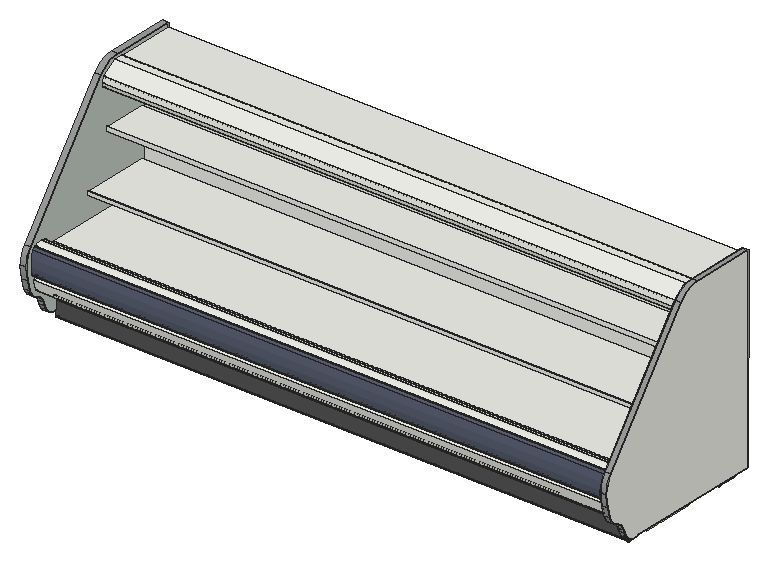
Revit family "IC2SL_2014", category Specialty Equipment, Revit 2014 (continued)
Automatic sketch dimensions
  Extrusion 4 sketch curve to Extrusion 4 sketch curve = 2.20346"
  Extrusion 4 sketch curve to Extrusion 4 sketch curve = 0.00337"
  Extrusion 4 sketch curve to Extrusion 4 sketch curve = 0.37413"
  plane 3 "Top" to Extrusion 4 sketch curve = 4.9064"
  Extrusion 4 sketch curve to Extrusion 4 sketch curve = 0.05529"
  plane 3 "Top" to Extrusion 4 sketch curve = 5.02134"
  Extrusion 4 sketch curve to Extrusion 4 sketch curve = 0.03653"
  Extrusion 4 sketch curve to Extrusion 4 sketch curve = 0.12203"
  plane 3 "Top" to Extrusion 4 sketch curve = 3.94513"
  Extrusion 4 sketch curve to Extrusion 4 sketch curve = 0.24817"
  plane 3 "Top" to Extrusion 4 sketch curve = 5.21381"
  Extrusion 4 sketch curve to Extrusion 4 sketch curve = 0.20362"
  Extrusion 4 sketch curve to Extrusion 4 sketch curve = 0.0855"
  plane 3 "Top" to Extrusion 4 sketch curve = 5.2367"
  Extrusion 4 sketch curve to Extrusion 4 sketch curve = 0.05142"  (x2)
  Extrusion 4 sketch curve to Extrusion 4 sketch curve = 0.62197"
  Extrusion 4 sketch curve to Extrusion 4 sketch curve = 0.3006"
  plane 3 "Top" to Extrusion 4 sketch curve = 2.56597"
  plane 3 "Top" to Extrusion 4 sketch curve = 5.10032"
  plane 3 "Top" to Extrusion 4 sketch curve = 2.64134"
  Extrusion 4 sketch curve to Extrusion 4 sketch curve = 0.05328"
  plane 3 "Top" to Extrusion 4 sketch curve = 5.01749"
  Extrusion 4 sketch curve to Extrusion 4 sketch curve = 0.06924"
  Extrusion 4 sketch curve to Extrusion 4 sketch curve = 0.688"
  plane 3 "Top" to Extrusion 4 sketch curve = 4.01056"
  Extrusion 4 sketch curve to Extrusion 4 sketch curve = 0.12066"
  plane 3 "Top" to Extrusion 4 sketch curve = 3.95101"
  Extrusion 4 sketch curve to Extrusion 4 sketch curve = 0.00036"
  level to Extrusion 4 sketch curve = 5.51819"
  Extrusion 4 sketch curve to Extrusion 4 sketch curve = 0.02509"
  Extrusion 4 sketch curve to Extrusion 4 sketch curve = 0.82847"
  level to Extrusion 4 sketch curve = 5.79817"
  Extrusion 4 sketch curve to Extrusion 4 sketch curve = 0.08776"
  Extrusion 4 sketch curve to Extrusion 4 sketch curve = 0.04779"
  level to Extrusion 4 sketch curve = 5.77763"
  Extrusion 4 sketch curve to Extrusion 4 sketch curve = 0.02665"
  plane 5 "Front" to Extrusion 4 sketch curve = 1.63975"
  Extrusion 4 sketch curve to Extrusion 4 sketch curve = 0.07583"
  Extrusion 4 sketch curve to Extrusion 4 sketch curve = 0.07923"
  Extrusion 4 sketch curve to Extrusion 4 sketch curve = 0.14334"
  Extrusion 4 sketch curve to Extrusion 4 sketch curve = 0.04134"
  Extrusion 4 sketch curve to Extrusion 4 sketch curve = 0.05018"
  Extrusion 4 sketch curve to Extrusion 4 sketch curve = 0.10623"
  Extrusion 4 sketch curve to Extrusion 4 sketch curve = 0.03772"  (x2)
  Extrusion 4 sketch curve to Extrusion 4 sketch curve = 0.0342"  (x2)
  Extrusion 4 sketch curve to Extrusion 4 sketch curve = 0.52554"
  Extrusion 4 sketch curve to Extrusion 4 sketch curve = 0.01073"
  Extrusion 4 sketch curve to Extrusion 4 sketch curve = 0.09979"
  Extrusion 4 sketch curve to Extrusion 4 sketch curve = 4 133/256"
  Extrusion 4 sketch curve to Extrusion 4 sketch curve = 0.01305"
  Extrusion 4 sketch curve to Extrusion 4 sketch curve = 0.17029"
  Extrusion 4 sketch curve to Extrusion 4 sketch curve = 0.05865"
  Extrusion 4 sketch curve to Extrusion 4 sketch curve = 0.31287"
  Extrusion 4 sketch curve to Extrusion 4 sketch curve = 65/256"
  Extrusion 4 sketch curve to Extrusion 4 sketch curve = 0.0098"
  Extrusion 4 sketch curve to Extrusion 4 sketch curve = 0.43051"
  Extrusion 4 sketch curve to Extrusion 4 sketch curve = 0.7215"
  Extrusion 4 sketch curve to Extrusion 4 sketch curve = 0.49985"
  Extrusion 4 sketch curve to Extrusion 4 sketch curve = 0.45414"
  Extrusion 4 sketch curve to Extrusion 4 sketch curve = 0.03983"
  Extrusion 4 sketch curve to Extrusion 4 sketch curve = 0.62977"
  Extrusion 4 sketch curve to Extrusion 4 sketch curve = 0.06223"  (x2)
  Extrusion 4 sketch curve to Extrusion 4 sketch curve = 0.01348"
  Extrusion 4 sketch curve to Extrusion 4 sketch curve = 0.22534"
  Extrusion 4 sketch curve to Extrusion 4 sketch curve = 0.02382"
  Extrusion 4 sketch curve to Extrusion 4 sketch curve = 0.38016"
  Extrusion 4 sketch curve to plane 11 = 7.88305"
  Extrusion 4 sketch curve to Extrusion 4 sketch curve = 1.22225"
  plane 5 "Front" to Extrusion 4 sketch curve = 1.4312"
  Extrusion 4 sketch curve to Extrusion 4 sketch curve = 5.82165"
  Extrusion 4 sketch curve to Extrusion 4 sketch curve = 3.11854"
  Extrusion 4 sketch curve to Extrusion 4 sketch curve = 2.48293"
  Extrusion 4 sketch curve to plane 11 = 5.50287"
  Extrusion 4 sketch curve to Extrusion 4 sketch curve = 0.04972"
  Extrusion 4 sketch curve to Extrusion 4 sketch curve = 0.12156"
  Extrusion 4 sketch curve to Extrusion 4 sketch curve = 0.01081"
  Extrusion 4 sketch curve to Extrusion 4 sketch curve = 0.9181"
  Extrusion 4 sketch curve to Extrusion 4 sketch curve = 0.01054"
  Extrusion 4 sketch curve to Extrusion 4 sketch curve = 0.04002"
  Extrusion 4 sketch curve to Extrusion 4 sketch curve = 0.93257"
  Extrusion 4 sketch curve to Extrusion 4 sketch curve = 0.05055"
  Extrusion 4 sketch curve to Extrusion 4 sketch curve = 0.02071"
  Extrusion 4 sketch curve to Extrusion 4 sketch curve = 0.15872"
  Extrusion 4 sketch curve to Extrusion 4 sketch curve = 0.20152"
  Extrusion 4 sketch curve to Extrusion 4 sketch curve = 0.99165"
  Extrusion 4 sketch curve to Extrusion 4 sketch curve = 0.95277"
  Extrusion 4 sketch curve to Extrusion 4 sketch curve = 0.03162"
  Extrusion 4 sketch curve to Extrusion 4 sketch curve = 0.02086"
  Extrusion 4 sketch curve to plane 11 = 8.15832"
  Extrusion 4 sketch curve to Extrusion 4 sketch curve = 1.82053"
  Extrusion 4 sketch curve to Extrusion 4 sketch curve = 3.52792"
  Extrusion 4 sketch curve to Extrusion 4 sketch curve = 0.30279"
  Extrusion 4 sketch curve to Extrusion 4 sketch curve = 1.20397"
  Extrusion 4 sketch curve to Extrusion 4 sketch curve = 0.16495"  (x3)
  Extrusion 4 sketch curve to Extrusion 4 sketch curve = 0.24992"
  Extrusion 4 sketch curve to Extrusion 4 sketch curve = 0.63549"
  level to Extrusion 4 sketch curve = 1.58082"
  Extrusion 4 sketch curve to Extrusion 4 sketch curve = 0.0444"
  Extrusion 4 sketch curve to Extrusion 4 sketch curve = 0.12659"
  Extrusion 4 sketch curve to Extrusion 4 sketch curve = 0.12561"
  Extrusion 4 sketch curve to Extrusion 4 sketch curve = 0.24799"
  Extrusion 4 sketch curve to Extrusion 4 sketch curve = 1/64"
  Extrusion 4 sketch curve to Extrusion 4 sketch curve = 0.10097"
  Extrusion 4 sketch curve to Extrusion 4 sketch curve = 0.06198"
  Extrusion 4 sketch curve to Extrusion 4 sketch curve = 0.19894"
  Extrusion 4 sketch curve to Extrusion 4 sketch curve = 1.06832"
  Extrusion 4 sketch curve to Extrusion 4 sketch curve = 0.92456"
  Extrusion 4 sketch curve to Extrusion 4 sketch curve = 0.01207"
  Extrusion 4 sketch curve to Extrusion 4 sketch curve = 0.00734"
  Extrusion 4 sketch curve to Extrusion 4 sketch curve = 0.91268"
  Extrusion 4 sketch curve to Extrusion 4 sketch curve = 0.05165"
  Extrusion 4 sketch curve to Extrusion 4 sketch curve = 0.13508"
  Extrusion 4 sketch curve to Extrusion 4 sketch curve = 0.02078"
  Extrusion 4 sketch curve to Extrusion 4 sketch curve = 0.07189"
  Extrusion 4 sketch curve to Extrusion 4 sketch curve = 0"
  Extrusion 4 sketch curve to Extrusion 4 sketch curve = 0.04991"
  Extrusion 4 sketch curve to Extrusion 4 sketch curve = 0.1649"
  Extrusion 4 sketch curve to Extrusion 4 sketch curve = 0.1637"
  Extrusion 4 sketch curve to Extrusion 4 sketch curve = 0.78942"
  Extrusion 4 sketch curve to Extrusion 4 sketch curve = 0.01586"
  Extrusion 4 sketch curve to Extrusion 4 sketch curve = 0.00947"
  Extrusion 4 sketch curve to Extrusion 4 sketch curve = 0.06439"
  Extrusion 4 sketch curve to Extrusion 4 sketch curve = 1.4102"
  Extrusion 4 sketch curve to Extrusion 4 sketch curve = 1.7551"
  Extrusion 4 sketch curve to Extrusion 4 sketch curve = 2.52857"
  Extrusion 4 sketch curve to Extrusion 4 sketch curve = 10.54146"
  Extrusion 4 sketch curve to Extrusion 4 sketch curve = 1.02083"
  Extrusion 4 sketch curve to Extrusion 4 sketch curve = 2.1841"
  plane 5 "Front" to Extrusion 5 sketch curve = 1.12841"
  Extrusion 5 sketch curve to Extrusion 5 sketch curve = 0.11317"
  Extrusion 5 sketch curve to Extrusion 5 sketch curve = 0.03358"
  Extrusion 5 sketch curve to Extrusion 5 sketch curve = 0.25438"
  Extrusion 5 sketch curve to Extrusion 5 sketch curve = 0.0429"
  Extrusion 5 sketch curve to Extrusion 5 sketch curve = 0.04665"
  Extrusion 5 sketch curve to Extrusion 5 sketch curve = 0.19176"
  Extrusion 5 sketch curve to Extrusion 5 sketch curve = 0.07633"
  Extrusion 5 sketch curve to Extrusion 5 sketch curve = 0.49366"
  Extrusion 5 sketch curve to Extrusion 5 sketch curve = 0.39156"
  Extrusion 5 sketch curve to Extrusion 5 sketch curve = 0.11753"
  Extrusion 5 sketch curve to Extrusion 5 sketch curve = 0.10551"
  Extrusion 5 sketch curve to Extrusion 5 sketch curve = 0"  (x2)
  Extrusion 5 sketch curve to Extrusion 5 sketch curve = 0.3295"
  plane 5 "Front" to Extrusion 5 sketch curve = 0.51188"
  curve 19 to curve 18 = 0.03284"
  curve 18 to curve 19 = 0.02938"
  curve 19 to curve 21 = 0.98711"
  curve 21 to curve 23 = 0.04789"
  curve 22 to curve 24 = 0.42429"
  curve 21 to curve 22 = 0.49387"
  curve 24 to curve 23 = 0.35344"
  curve 23 to curve 25 = 0.1464"
  curve 26 to curve 27 = 0.49985"
  curve 26 to curve 27 = 0.82955"
  curve 28 to curve 29 = 0.49954"
  curve 29 to curve 29 = 0.0098"
  curve 29 to curve 31 = 0.26352"
  curve 29 to curve 30 = 0.49954"
  curve 31 to curve 31 = 0.70437"
  curve 31 to curve 32 = 0.23603"
  curve 32 to curve 33 = 2.19677"
  curve 33 to curve 35 = 0.43288"
  curve 34 to curve 35 = 0.64826"
  curve 36 to curve 36 = 0.43288"
  curve 36 to curve 38 = 8.83291"
  curve 37 to curve 39 = 12.74306"
  curve 39 to curve 38 = 0.62705"
  curve 33 to curve 31 = 0.05924"
  curve 33 to curve 35 = 0.24992"
  curve 32 to curve 31 = 0.37731"
  curve 30 to curve 18 = 0.0018"
  curve 30 to curve 29 = 0.42317"
  curve 30 to curve 28 = 0.2631"
  curve 34 to curve 36 = 0.8729"
  curve 29 to curve 29 = 0.28055"
  curve 36 to curve 35 = 0.24992"
  curve 25 to curve 24 = 0.47481"
  curve 37 to curve 38 = 1.96717"
  curve 24 to curve 23 = 0.78923"
  curve 39 to curve 39 = 4.26182"
  curve 21 to curve 20 = 5.77893"
  curve 18 to curve 34 = 0.43401"
  curve 39 to curve 39 = 4.13066"
  curve 18 to curve 34 = 3.20102"
  curve 42 to curve 41 = 0.03284"
  curve 41 to curve 42 = 0.02938"
  curve 42 to curve 44 = 0.98711"
  curve 44 to curve 46 = 0.04789"
  curve 45 to curve 47 = 0.42429"
  curve 44 to curve 45 = 0.49387"
  curve 47 to curve 46 = 0.35344"
  curve 46 to curve 48 = 0.1464"
  curve 49 to curve 50 = 0.49985"
  curve 49 to curve 50 = 0.82955"
  curve 51 to curve 52 = 0.49954"
  curve 52 to curve 52 = 0.0098"
  curve 52 to curve 54 = 0.26352"
  curve 52 to curve 53 = 0.49954"
  curve 54 to curve 54 = 0.70437"
  curve 54 to curve 55 = 0.23603"
  curve 55 to curve 56 = 2.19677"
  curve 56 to curve 58 = 0.43288"
  curve 57 to curve 58 = 0.64826"
  curve 59 to curve 59 = 0.43288"
  curve 59 to curve 61 = 8.83291"
  curve 60 to curve 62 = 12.74306"
  curve 62 to curve 61 = 0.62705"
  curve 56 to curve 54 = 0.05924"
  curve 56 to curve 58 = 0.24992"
  curve 55 to curve 54 = 0.37731"
  curve 53 to curve 41 = 0.0018"
  curve 53 to curve 52 = 0.42317"
  curve 53 to curve 51 = 0.2631"
  curve 57 to curve 59 = 0.8729"
  curve 52 to curve 52 = 0.28055"
  curve 59 to curve 58 = 0.24992"
  curve 48 to curve 47 = 0.47481"
  curve 60 to curve 61 = 1.96717"
  curve 47 to curve 46 = 0.78923"
  curve 62 to curve 62 = 4.26182"
  curve 44 to curve 43 = 5.77893"
  curve 41 to curve 57 = 0.43401"
  curve 62 to curve 62 = 4.13066"
  curve 41 to curve 57 = 3.20102"
  Extrusion 5 sketch curve to Extrusion 5 sketch curve = 0.22534"
  Extrusion 5 sketch curve to Extrusion 5 sketch curve = 0.38016"
  Extrusion 5 sketch curve to Extrusion 5 sketch curve = 0.60971"
  Extrusion 5 sketch curve to plane 11 = 11.74238"
  Extrusion 5 sketch curve to Extrusion 5 sketch curve = 7.89549"
  Extrusion 5 sketch curve to Extrusion 5 sketch curve = 2.25476"
  Extrusion 5 sketch curve to Extrusion 5 sketch curve = 4.52154"
Nested families (in)
  nested 1: "Shelf" at (0, -7.8816, 19.25), visible <- "Shelf", type "Bottom Shelf"
    with Width 145", Depth 18"
  nested 2: "Shelf" at (0, -7.8816, 31.25), visible <- "Shelf", type "Top Shelf"
    with Width 145", Depth 12"
  nested 3: "Light" at (-4.80699, -16.27359, -28.75), visible <- "Shelf Lights", type "Light"
  nested 4: "Floor Support-Side Skid-IC2SL" at (-79.33203, 0, 0), type "Floor Support-Side Skid"
  nested 5: "Floor Support-Skid-IC2SL" at (-6.83203, 0, 0), visible <- "8 Case", type "Floor Support-Skid"
  nested 6: "Floor Support-Side Skid-IC2SL" at (69.71806, 0, 0) x (-1, 0, 0) z (0, 0, 1), type "Floor Support-Side Skid"
  nested 7: "Floor Support-Skid-IC2SL" at (-30.83203, 0, 0), visible <- "12 Case", type "Floor Support-Skid"
  nested 8: "Floor Support-Skid-IC2SL" at (21.21806, 0, 0) x (-1, 0, 0) z (0, 0, 1), visible <- "12 Case", type "Floor Support-Skid"
  nested 9: "Floor Support-Skid-IC2SL" at (-6.83203, 0, 0), visible <- "6 Case", type "Floor Support-Skid"
  nested 10: "Light" at (-4.80699, -10.27359, -16.75), visible <- "Shelf Lights", type "Light"
  nested 11: "Light" at (-4.80699, -9.77817, -6.61826), type "Light"
Connectors (in)
  piping at (-4.30699, -33.5, 0), diameter 1.25, driven by "Waste Drain"
    settings: on Extrusion 1, index 8, connector inside diameter 1 1/4", connector length 0", flow factor 0, pipe flow 0 GPM, pressure drop 0.00 psi, fitting loss kfactor 0, connector angle 0.00°, fixture units 0, engagement length 0", angle of deflection 0.00°, flow configuration 0, flow direction 0, fitting loss method 0, system type 16, joint type 0, gender type 0, connector reference index -1, connector utility 0, adjustable connector no, is connector primary yes, connector description "1 1/4\""
  piping at (58.75551, -28.75, 0), diameter 0.875, driven by "Refrig. Suction", driven by "Refrigeration Lines Suction"
    settings: on Extrusion 2, index 9, connector inside diameter 7/8", connector length 0", flow factor 0, pipe flow 0 GPM, pressure drop 0.00 psi, fitting loss kfactor 0, connector angle 0.00°, fixture units 0, engagement length 0", angle of deflection 0.00°, flow configuration 0, flow direction 2, fitting loss method 0, system type 22, joint type 0, gender type 0, connector reference index -1, connector utility 0, adjustable connector no, is connector primary no, connector description "Suction"
  piping at (59.38051, -28.75, 0), diameter 0.375, driven by "Refrig. Liquid", driven by "Refrigeration Lines Liquid"
    settings: on Extrusion 3, index 10, connector inside diameter 3/8", connector length 0", flow factor 0, pipe flow 0 GPM, pressure drop 0.00 psi, fitting loss kfactor 0, connector angle 0.00°, fixture units 0, engagement length 0", angle of deflection 0.00°, flow configuration 0, flow direction 1, fitting loss method 0, system type 22, joint type 0, gender type 0, connector reference index -1, connector utility 0, adjustable connector no, is connector primary no, connector description "Liquid"
Definition of nested family "Shelf"
  Parameters (values of type "Shelf")
    Width = 24"
    URL = "www.hussmann.com"
    Type Comments = "Shelf"
    Shelves = Sheet Metal (Steel Painted) - 700 Interior White
    Model = ""
    Manufacturer = "Hussmann Corporation"
    Height = 5"
    Description = ""
    Depth = 20"
    Assembly Code = ""
    Accessories/Options = ""
  Reference planes (in)
    plane 1 "Back": y = 0
    plane 2 "Bottom": z = 0
    plane 3 "Left": x = -77.30699
    plane 4 "Right": x = -53.30699
    plane 5 "Front": y = -20
    plane 6 "Center (Left/Right)": x = -65.30699
    plane 7: z = 5
  Forms (in)
    Extrusion 1, solid, material "Sheet Metal (Steel Painted) - 700 Interior White" <- "Shelves"
      sketch origin (-77.30699, 7.75, -64.26162) x (0, 1, 0) y (0, 0, 1)
        loop
          line (-7.75, 64.26162) -> (-7.75, 68.01162) -> (-8.5, 68.01162) -> (-8.5, 69.01162) -> (-27.5, 69.01162) -> (-27.5, 69.26162) -> (-27.75, 69.26162) -> (-27.75, 68.26162) -> (-27.5, 68.26162) -> (-27.5, 68.76162) -> (-26, 68.76162) -> (-26, 68.51162) -> (-13.81963, 68.51162) -> (-7.75, 64.26162)
      from 0 to 24
  Dimensions and locks (in)
    "Width": plane 4 "Right" to plane 3 "Left"
    equal spacing: plane 4 "Right", plane 6 "Center (Left/Right)", plane 3 "Left"
    "Depth": plane 1 "Back" to plane 5 "Front"
    "Height": level to plane 7
    aligned and locked: Extrusion 1 to plane 3 "Left"
    aligned and locked: plane 4 "Right" to Extrusion 1
  Automatic sketch dimensions
    Extrusion 1 sketch curve to plane 5 "Front" = 0"
    Extrusion 1 sketch curve to plane 1 "Back" = 0"
    plane 5 "Front" to Extrusion 1 sketch curve = 1/4"  (x2)
    Extrusion 1 sketch curve to Extrusion 1 sketch curve = 1 1/2"
    plane 1 "Back" to Extrusion 1 sketch curve = 6.06963"
    plane 1 "Back" to Extrusion 1 sketch curve = 3/4"
    Extrusion 1 sketch curve to Extrusion 1 sketch curve = 3 3/4"
    Extrusion 1 sketch curve to Extrusion 1 sketch curve = 1/2"  (x2)
    Extrusion 1 sketch curve to Extrusion 1 sketch curve = 1"
    Extrusion 1 sketch curve to Extrusion 1 sketch curve = 1/4"
    Extrusion 1 sketch curve to Extrusion 1 sketch curve = 3/4"
    Extrusion 1 sketch curve to level = 0"
Definition of nested family "Floor Support-Side Skid-IC2SL"
  Parameters (values of type "Floor Support-Skid")
    Width = 8 69/128"
    URL = "www.hussmann.com"
    Type Comments = ""
    Revit Family Date = "11/19/2015"  # constant formula
    Model = ""
    Manufacturer = "Hussmann Corporation"
    Height = 10.26407"
    Floor Support = none
    Description = ""
    Depth = 35.02835"
    Assembly Code = ""
    Accessories/Options = ""
  Reference planes (in)
    plane 1 "Back": y = 0
    plane 2 "Bottom": z = 0
    plane 3 "Top": z = 10.26407
    plane 4 "Right": x = 6.29458
    plane 5 "Front": y = -35.02835
    plane 6 "Center (Left/Right)": x = 2.02504
  Forms (in)
    Extrusion 1, solid
      sketch origin (0, 0, 0) x (1, 0, 0) y (0, 1, 0)
        loop
          line (6.2427, -0.35106) -> (5.61346, -0.35106)
          spline (5.61346, -0.35106) -> (5.60467, -0.35154) -> (5.59595, -0.35077) -> (5.58749, -0.34877) -> (5.57945, -0.3456) -> (5.572, -0.3413) -> (5.56527, -0.33596) -> (5.5594, -0.32969) -> (5.55452, -0.32262) -> (5.55071, -0.31489) -> (5.54806, -0.30664) -> (5.54661, -0.29805) -> (5.5464, -0.28928)
          line (5.5464, -0.28928) -> (5.5511, -0.1881)
          spline (5.5511, -0.1881) -> (5.55064, -0.16354) -> (5.54698, -0.1394) -> (5.54017, -0.1161) -> (5.53035, -0.09404) -> (5.51767, -0.07358) -> (5.50235, -0.05508) -> (5.48466, -0.03886) -> (5.4649, -0.02519) -> (5.44339, -0.01431) -> (5.42052, -0.00641) -> (5.39668, -0.00161) -> (5.37226, 0)
          line (5.37226, 0) -> (2.02504, 0) -> (2.02504, -30.00158) -> (2.4234, -30.00158) -> (2.4234, -34.87231) -> (2.57945, -34.87231) -> (2.57945, -35.02528) -> (4.66388, -35.02528) -> (4.66388, -34.87231) -> (4.81992, -34.87231) -> (4.81992, -29.95052)
          arc (4.81992, -29.95052) -> (5.61912, -29.41396) -> (5.92788, -28.5022) r 1.5006
          line (5.92788, -28.5022) -> (5.92843, -23.36772)
          spline (5.92843, -23.36772) -> (5.93056, -23.33509) -> (5.93693, -23.30304) -> (5.94743, -23.27209) -> (5.96187, -23.24279) -> (5.98001, -23.21563) -> (6.00154, -23.19108) -> (6.02609, -23.16955) -> (6.05325, -23.15141) -> (6.08256, -23.13697) -> (6.1135, -23.12647) -> (6.14556, -23.1201) -> (6.17818, -23.11797)
          line (6.17818, -23.11797) -> (7.49155, -23.11797)
          spline (7.49155, -23.11797) -> (7.55681, -23.1137) -> (7.62092, -23.10096) -> (7.68281, -23.07997) -> (7.74141, -23.05109) -> (7.79573, -23.01481) -> (7.84484, -22.97175) -> (7.8879, -22.92264) -> (7.92418, -22.86832) -> (7.95307, -22.80972) -> (7.97405, -22.74783) -> (7.98679, -22.68371) -> (7.99106, -22.61846)
          line (7.99106, -22.61846) -> (7.99106, -21.6167)
          spline (7.99106, -21.6167) -> (7.98679, -21.55145) -> (7.97405, -21.48733) -> (7.95307, -21.42544) -> (7.92418, -21.36684) -> (7.8879, -21.31252) -> (7.84484, -21.26341) -> (7.79573, -21.22035) -> (7.74141, -21.18407) -> (7.68281, -21.15519) -> (7.62092, -21.1342) -> (7.55681, -21.12146) -> (7.49155, -21.11719)
          line (7.49155, -21.11719) -> (6.17818, -21.11719)
          spline (6.17818, -21.11719) -> (6.14556, -21.11506) -> (6.1135, -21.10869) -> (6.08256, -21.09819) -> (6.05325, -21.08375) -> (6.02609, -21.06561) -> (6.00154, -21.04408) -> (5.98001, -21.01953) -> (5.96187, -20.99237) -> (5.94743, -20.96307) -> (5.93693, -20.93212) -> (5.93056, -20.90006) -> (5.92843, -20.86744)
          line (5.92843, -20.86744) -> (5.92843, -10.79985)
          spline (5.92843, -10.79985) -> (5.93056, -10.76722) -> (5.93693, -10.73516) -> (5.94743, -10.70422) -> (5.96187, -10.67492) -> (5.98001, -10.64776) -> (6.00154, -10.6232) -> (6.02609, -10.60167) -> (6.05325, -10.58353) -> (6.08256, -10.56909) -> (6.1135, -10.5586) -> (6.14556, -10.55223) -> (6.17818, -10.55009)
          line (6.17818, -10.55009) -> (7.49155, -10.55009)
          spline (7.49155, -10.55009) -> (7.55681, -10.54582) -> (7.62092, -10.53308) -> (7.68281, -10.5121) -> (7.74141, -10.48322) -> (7.79573, -10.44693) -> (7.84484, -10.40387) -> (7.8879, -10.35476) -> (7.92418, -10.30044) -> (7.95307, -10.24184) -> (7.97405, -10.17995) -> (7.98679, -10.11584) -> (7.99106, -10.05058)
          line (7.99106, -10.05058) -> (7.99106, -9.04882)
          spline (7.99106, -9.04882) -> (7.98679, -8.98357) -> (7.97405, -8.91946) -> (7.95307, -8.85757) -> (7.92418, -8.79896) -> (7.8879, -8.74465) -> (7.84484, -8.69554) -> (7.79573, -8.65247) -> (7.74141, -8.61619) -> (7.68281, -8.58731) -> (7.62092, -8.56632) -> (7.55681, -8.55359) -> (7.49155, -8.54932)
          line (7.49155, -8.54932) -> (6.18249, -8.54932)
          arc (6.18249, -8.54932) -> (6.0282, -8.49852) -> (5.93426, -8.36599) r 0.25973
          line (5.93426, -8.36599) -> (6.30377, -0.41601)
          spline (6.30377, -0.41601) -> (6.30361, -0.4077) -> (6.30234, -0.3995) -> (6.29999, -0.39156) -> (6.29661, -0.38402) -> (6.29225, -0.37701) -> (6.28699, -0.37067) -> (6.28093, -0.36509) -> (6.27417, -0.36039) -> (6.26683, -0.35664) -> (6.25905, -0.35392) -> (6.25096, -0.35226) -> (6.2427, -0.35106)
      from 0 to 10.26407
    Extrusion 2, void
      sketch origin (2.02504, 0, 0) x (0, 1, 0) y (0, 0, 1)
        loop
          line (-29.18397, 5.56503) -> (-8.50716, 5.56503) -> (0, 10.08456) -> (0, 10.26407) -> (-35.02528, 10.26407) -> (-35.02528, 1.08698) -> (-27.78996, 2.76906) -> (-26.7357, 2.76906) -> (-26.85079, 4.08456)
          arc (-26.85079, 4.08456) -> (-26.88112, 4.17154) -> (-26.94923, 4.23357) r 0.18744
          line (-26.94923, 4.23357) -> (-29.18397, 5.42681) -> (-29.18397, 5.56503)
      from -12.58447 to 12.58363
    Extrusion 3, void
      sketch origin (2.02504, 0, 0) x (0, 1, 0) y (0, 0, 1)
        loop
          line (-2.69879, 0) -> (0, 0) -> (0, 6.29404) -> (-2.26929, 4.02442)
          arc (-2.26929, 4.02442) -> (-2.30939, 3.96496) -> (-2.3243, 3.89481) r 0.18794
          line (-2.3243, 3.89481) -> (-2.32858, 3.6497) -> (-2.33112, 3.50443) -> (-2.33533, 3.26291) -> (-2.33949, 3.02455) -> (-2.38694, 0.30646)
          arc (-2.38694, 0.30646) -> (-2.48018, 0.08944) -> (-2.69879, 0) r 0.3119
      from -12.58447 to 12.58363
    Extrusion 4, void
      sketch origin (2.02504, 0, 0) x (0, 1, 0) y (0, 0, 1)
        loop
          line (-17.28342, 0) -> (-7.07945, 0)
          arc (-7.07945, 0) -> (-7.199, 0.02378) -> (-7.30035, 0.0915) r 0.3124
          line (-7.30035, 0.0915) -> (-7.41444, 0.20559)
          arc (-7.41444, 0.20559) -> (-7.45626, 0.23672) -> (-7.50525, 0.25454) r 0.17979
          arc (-7.50525, 0.25454) -> (-12.18143, 0.73178) -> (-16.85761, 0.25454) r 23.14851
          arc (-16.85761, 0.25454) -> (-16.90661, 0.23672) -> (-16.94843, 0.20559) r 0.17979
          line (-16.94843, 0.20559) -> (-17.06252, 0.0915)
          arc (-17.06252, 0.0915) -> (-17.16387, 0.02378) -> (-17.28342, 0) r 0.3124
      from -12.58447 to 12.58363
    Extrusion 5, void
      sketch origin (2.02504, 0, 0) x (0, 1, 0) y (0, 0, 1)
        loop
          line (-26.93283, 0.16782) -> (-26.93283, 0) -> (-25.52532, 0)
          arc (-25.52532, 0) -> (-25.68723, 0.04523) -> (-25.80225, 0.16782) r 0.3124
          line (-25.80225, 0.16782) -> (-26.93283, 0.16782)
      from -12.58447 to 12.58363
  Cuts and joins
    Extrusion 2, Extrusion 3, Extrusion 4, Extrusion 5 cuts Extrusion 1
  Dimensions and locks (in)
    plane 6 "Center (Left/Right)" to plane 4 "Right" = 4 69/256"
    "Depth": plane 5 "Front" to plane 1 "Back"
    "Height": plane 3 "Top" to level
    aligned and locked: Extrusion 1 to plane 3 "Top"
    aligned and locked: Extrusion 1 to level
  Automatic sketch dimensions
    plane 3 "Top" to Extrusion 2 sketch curve = 0"
    Extrusion 2 sketch curve to plane 1 "Back" = 0"
    plane 1 "Back" to Extrusion 2 sketch curve = 8.50716"
    level to Extrusion 2 sketch curve = 4.08456"
    plane 5 "Front" to Extrusion 2 sketch curve = 8.17757"
    level to Extrusion 2 sketch curve = 4.23357"
    Extrusion 2 sketch curve to Extrusion 2 sketch curve = 0.09844"
    Extrusion 2 sketch curve to Extrusion 2 sketch curve = 0.08829"
    level to Extrusion 2 sketch curve = 2.76906"
    Extrusion 2 sketch curve to Extrusion 2 sketch curve = 0.75244"
    Extrusion 2 sketch curve to Extrusion 2 sketch curve = 0.17952"
    Extrusion 2 sketch curve to Extrusion 2 sketch curve = 0.11509"
    Extrusion 2 sketch curve to Extrusion 2 sketch curve = 2.23474"
    level to Extrusion 2 sketch curve = 1.08698"
    Extrusion 2 sketch curve to Extrusion 2 sketch curve = 1.19324"
    Extrusion 2 sketch curve to Extrusion 2 sketch curve = 0.13822"
    plane 5 "Front" to Extrusion 2 sketch curve = 0.00307"
    plane 1 "Back" to Extrusion 3 sketch curve = 2.69879"
    Extrusion 3 sketch curve to Extrusion 3 sketch curve = 0.31186"
    level to Extrusion 3 sketch curve = 3.02455"
    plane 1 "Back" to Extrusion 3 sketch curve = 2.33949"
    level to Extrusion 3 sketch curve = 3.26291"
    Extrusion 3 sketch curve to Extrusion 3 sketch curve = 0.00416"
    level to Extrusion 3 sketch curve = 3.50443"
    Extrusion 3 sketch curve to Extrusion 3 sketch curve = 0.00422"
    level to Extrusion 3 sketch curve = 3.6497"
    Extrusion 3 sketch curve to Extrusion 3 sketch curve = 0.00254"
    level to Extrusion 3 sketch curve = 3.89481"
    Extrusion 3 sketch curve to Extrusion 3 sketch curve = 0.00428"
    Extrusion 3 sketch curve to Extrusion 3 sketch curve = 0.05501"
    Extrusion 3 sketch curve to Extrusion 3 sketch curve = 0.18791"
    Extrusion 3 sketch curve to plane 1 "Back" = 0"
    Extrusion 3 sketch curve to level = 0"
    Extrusion 3 sketch curve to Extrusion 3 sketch curve = 0.30646"
    Extrusion 3 sketch curve to Extrusion 3 sketch curve = 0.3119"
    Extrusion 3 sketch curve to Extrusion 3 sketch curve = 0.00328"
    level to Extrusion 3 sketch curve = 6.29404"
    Extrusion 3 sketch curve to Extrusion 3 sketch curve = 0"
    Extrusion 4 sketch curve to Extrusion 4 sketch curve = 0.2209"  (x2)
    Extrusion 4 sketch curve to Extrusion 4 sketch curve = 0.11409"  (x4)
    Extrusion 4 sketch curve to Extrusion 4 sketch curve = 0.12713"  (x4)
    plane 5 "Front" to Extrusion 4 sketch curve = 22.84692"
    Extrusion 4 sketch curve to Extrusion 4 sketch curve = 9.27972"
    level to Extrusion 4 sketch curve = 0.3124"
    Extrusion 4 sketch curve to Extrusion 4 sketch curve = 0.10681"  (x2)
    Extrusion 4 sketch curve to Extrusion 4 sketch curve = 22.49519"
    Extrusion 4 sketch curve to Extrusion 4 sketch curve = 0"  (x4)
    Extrusion 4 sketch curve to level = 0"
    plane 1 "Back" to Extrusion 4 sketch curve = 16.82129"
    plane 5 "Front" to Extrusion 5 sketch curve = 8.09553"
    Extrusion 5 sketch curve to Extrusion 5 sketch curve = 1.13057"
    Extrusion 5 sketch curve to Extrusion 5 sketch curve = 0.27693"
    Extrusion 5 sketch curve to level = 0"
    Extrusion 5 sketch curve to Extrusion 5 sketch curve = 0.16782"
    Extrusion 5 sketch curve to Extrusion 5 sketch curve = 0.3124"
    Extrusion 5 sketch curve to Extrusion 5 sketch curve = 0"
    Extrusion 1 sketch curve to plane 6 "Center (Left/Right)" = 0"
    plane 1 "Back" to Extrusion 1 sketch curve = 0"
    Extrusion 1 sketch curve to Extrusion 1 sketch curve = 0.39836"
    Extrusion 1 sketch curve to Extrusion 1 sketch curve = 0.15604"  (x2)
    Extrusion 1 sketch curve to plane 4 "Right" = 1.8673"
    plane 5 "Front" to Extrusion 1 sketch curve = 0.15604"  (x2)
    Extrusion 1 sketch curve to plane 4 "Right" = 1.6307"
    Extrusion 1 sketch curve to plane 4 "Right" = 0.92232"
    plane 1 "Back" to Extrusion 1 sketch curve = 0.28928"
    Extrusion 1 sketch curve to Extrusion 1 sketch curve = 0.17414"
    plane 1 "Back" to Extrusion 1 sketch curve = 0.1881"
    Extrusion 1 sketch curve to Extrusion 1 sketch curve = 0.0047"
    Extrusion 1 sketch curve to Extrusion 1 sketch curve = 0.06706"
    Extrusion 1 sketch curve to plane 4 "Right" = 0.36615"  (x2)
    Extrusion 1 sketch curve to plane 4 "Right" = 0.11639"  (x3)
    Extrusion 1 sketch curve to plane 4 "Right" = 0.11208"
    plane 4 "Right" to Extrusion 1 sketch curve = 0.0092"
    plane 4 "Right" to Extrusion 1 sketch curve = 1.19698"  (x4)
    Extrusion 1 sketch curve to Extrusion 1 sketch curve = 0.49951"  (x6)
    plane 5 "Front" to Extrusion 1 sketch curve = 0.00307"
    Extrusion 1 sketch curve to Extrusion 1 sketch curve = 4.87073"
    Extrusion 1 sketch curve to Extrusion 1 sketch curve = 0.05106"
    Extrusion 1 sketch curve to Extrusion 1 sketch curve = 1.44832"
    Extrusion 1 sketch curve to Extrusion 1 sketch curve = 5.13448"
    Extrusion 1 sketch curve to Extrusion 1 sketch curve = 0.24975"  (x3)
    Extrusion 1 sketch curve to Extrusion 1 sketch curve = 1.00176"  (x2)
    Extrusion 1 sketch curve to Extrusion 1 sketch curve = 10.06759"
    Extrusion 1 sketch curve to Extrusion 1 sketch curve = 0.25973"
    plane 1 "Back" to Extrusion 1 sketch curve = 0.41601"
    Extrusion 1 sketch curve to Extrusion 1 sketch curve = 0.06179"
    Extrusion 1 sketch curve to Extrusion 1 sketch curve = 0.31696"
    Extrusion 1 sketch curve to Extrusion 1 sketch curve = 0.1878"
    Extrusion 1 sketch curve to Extrusion 1 sketch curve = 0.00479"
    Extrusion 1 sketch curve to Extrusion 1 sketch curve = 0.04521"
    Extrusion 1 sketch curve to Extrusion 1 sketch curve = 0.24823"
    Extrusion 1 sketch curve to plane 4 "Right" = 0.11571"  (x3)
    Extrusion 1 sketch curve to plane 4 "Right" = 0.09056"
    Extrusion 1 sketch curve to plane 4 "Right" = 0.05279"
    Extrusion 1 sketch curve to plane 4 "Right" = 0.05187"
    Extrusion 1 sketch curve to Extrusion 1 sketch curve = 0"  (x4)
    plane 4 "Right" to Extrusion 1 sketch curve = 0.06162"  (x3)
    plane 4 "Right" to Extrusion 1 sketch curve = 0.84094"  (x2)
    Extrusion 1 sketch curve to Extrusion 1 sketch curve = 0.00137"  (x3)
    Extrusion 1 sketch curve to Extrusion 1 sketch curve = 0.50088"
    Extrusion 1 sketch curve to Extrusion 1 sketch curve = 0.04801"
Definition of nested family "Floor Support-Skid-IC2SL"
  Parameters (values of type "Floor Support-Skid")
    Width = 8 69/128"
    URL = "www.hussmann.com"
    Type Comments = ""
    Revit Family Date = "11/19/2015"  # constant formula
    Model = ""
    Manufacturer = "Hussmann Corporation"
    Height = 10.26407"
    Floor Support = none
    Description = ""
    Depth = 35.02835"
    Assembly Code = ""
    Accessories/Options = ""
  Reference planes (in)
    plane 1 "Back": y = 0
    plane 2 "Bottom": z = 0
    plane 3 "Top": z = 10.26407
    plane 4 "Left": x = -2.24449
    plane 5 "Right": x = 6.29458
    plane 6 "Front": y = -35.02835
    plane 7 "Center (Left/Right)": x = 2.02504
  Forms (in)
    Extrusion 1, solid
      sketch origin (0, 0, 0) x (1, 0, 0) y (0, 1, 0)
        loop
          spline (-1.32217, 0) -> (-1.34659, -0.00161) -> (-1.37043, -0.00641) -> (-1.3933, -0.01431) -> (-1.41481, -0.02519) -> (-1.43457, -0.03886) -> (-1.45226, -0.05508) -> (-1.46758, -0.07358) -> (-1.48026, -0.09404) -> (-1.49008, -0.1161) -> (-1.49689, -0.1394) -> (-1.50055, -0.16354) -> (-1.50101, -0.1881)
          line (-1.50101, -0.1881) -> (-1.49631, -0.28928)
          spline (-1.49631, -0.28928) -> (-1.49647, -0.29741) -> (-1.49768, -0.3054) -> (-1.49994, -0.31311) -> (-1.5032, -0.32041) -> (-1.5074, -0.32719) -> (-1.51248, -0.33331) -> (-1.51835, -0.33868) -> (-1.52491, -0.3432) -> (-1.53204, -0.34681) -> (-1.53962, -0.34942) -> (-1.54753, -0.35101) -> (-1.55563, -0.35155)
          line (-1.55563, -0.35155) -> (-2.17664, -0.35155)
          spline (-2.17664, -0.35155) -> (-2.18544, -0.35107) -> (-2.19415, -0.35184) -> (-2.20261, -0.35384) -> (-2.21065, -0.35701) -> (-2.21811, -0.36131) -> (-2.22484, -0.36665) -> (-2.2307, -0.37292) -> (-2.23558, -0.37999) -> (-2.23939, -0.38772) -> (-2.24204, -0.39597) -> (-2.24349, -0.40456) -> (-2.2437, -0.41333)
          line (-2.2437, -0.41333) -> (-1.86829, -8.49024) -> (-1.86829, -28.85762)
          arc (-1.86829, -28.85762) -> (-1.78569, -29.25643) -> (-1.55249, -29.59033) r 1.01143
          arc (-1.55249, -29.59033) -> (-1.07593, -29.89498) -> (-0.52044, -30.00158) r 1.50058
          line (-0.52044, -30.00158) -> (0.82679, -30.00158) -> (0.82679, -34.87231) -> (0.98283, -34.87231) -> (0.98283, -35.02528) -> (3.06726, -35.02528) -> (3.06726, -34.87231) -> (3.2233, -34.87231) -> (3.2233, -30.00158) -> (4.57053, -30.00158)
          arc (4.57053, -30.00158) -> (5.12602, -29.89498) -> (5.60258, -29.59033) r 1.50058
          arc (5.60258, -29.59033) -> (5.83578, -29.25643) -> (5.91838, -28.85762) r 1.01143
          line (5.91838, -28.85762) -> (5.91838, -8.49024) -> (6.29379, -0.41333)
          spline (6.29379, -0.41333) -> (6.29364, -0.4052) -> (6.29242, -0.39721) -> (6.29016, -0.3895) -> (6.28691, -0.3822) -> (6.2827, -0.37542) -> (6.27762, -0.3693) -> (6.27175, -0.36393) -> (6.2652, -0.35941) -> (6.25806, -0.3558) -> (6.25048, -0.35319) -> (6.24257, -0.3516) -> (6.23447, -0.35106)
          line (6.23447, -0.35106) -> (5.61346, -0.35106)
          spline (5.61346, -0.35106) -> (5.60467, -0.35154) -> (5.59595, -0.35077) -> (5.58749, -0.34877) -> (5.57945, -0.3456) -> (5.572, -0.3413) -> (5.56527, -0.33596) -> (5.5594, -0.32969) -> (5.55452, -0.32262) -> (5.55071, -0.31489) -> (5.54806, -0.30664) -> (5.54661, -0.29805) -> (5.5464, -0.28928)
          line (5.5464, -0.28928) -> (5.5511, -0.1881)
          spline (5.5511, -0.1881) -> (5.55064, -0.16354) -> (5.54698, -0.1394) -> (5.54017, -0.1161) -> (5.53035, -0.09404) -> (5.51767, -0.07358) -> (5.50235, -0.05508) -> (5.48466, -0.03886) -> (5.4649, -0.02519) -> (5.44339, -0.01431) -> (5.42052, -0.00641) -> (5.39668, -0.00161) -> (5.37226, 0)
          line (5.37226, 0) -> (-1.32217, 0)
      from 0 to 10.26407
    Extrusion 2, void
      sketch origin (2.02504, 0, 0) x (0, 1, 0) y (0, 0, 1)
        loop
          line (-29.18397, 5.56503) -> (-8.50716, 5.56503) -> (0, 10.08456) -> (0, 10.26407) -> (-35.02528, 10.26407) -> (-35.02528, 1.08698) -> (-27.78996, 2.76906) -> (-26.7357, 2.76906) -> (-26.85079, 4.08456)
          arc (-26.85079, 4.08456) -> (-26.88112, 4.17154) -> (-26.94923, 4.23357) r 0.18744
          line (-26.94923, 4.23357) -> (-29.18397, 5.42681) -> (-29.18397, 5.56503)
      from -12.58447 to 12.58363
    Extrusion 3, void
      sketch origin (2.02504, 0, 0) x (0, 1, 0) y (0, 0, 1)
        loop
          line (-2.69879, 0) -> (0, 0) -> (0, 6.29404) -> (-2.26929, 4.02442)
          arc (-2.26929, 4.02442) -> (-2.30939, 3.96496) -> (-2.3243, 3.89481) r 0.18794
          line (-2.3243, 3.89481) -> (-2.32858, 3.6497) -> (-2.33112, 3.50443) -> (-2.33533, 3.26291) -> (-2.33949, 3.02455) -> (-2.38694, 0.30646)
          arc (-2.38694, 0.30646) -> (-2.48018, 0.08944) -> (-2.69879, 0) r 0.3119
      from -12.58447 to 12.58363
    Extrusion 4, void
      sketch origin (2.02504, 0, 0) x (0, 1, 0) y (0, 0, 1)
        loop
          line (-17.28342, 0) -> (-7.07945, 0)
          arc (-7.07945, 0) -> (-7.199, 0.02378) -> (-7.30035, 0.0915) r 0.3124
          line (-7.30035, 0.0915) -> (-7.41444, 0.20559)
          arc (-7.41444, 0.20559) -> (-7.45626, 0.23672) -> (-7.50525, 0.25454) r 0.17979
          arc (-7.50525, 0.25454) -> (-12.18143, 0.73178) -> (-16.85761, 0.25454) r 23.14851
          arc (-16.85761, 0.25454) -> (-16.90661, 0.23672) -> (-16.94843, 0.20559) r 0.17979
          line (-16.94843, 0.20559) -> (-17.06252, 0.0915)
          arc (-17.06252, 0.0915) -> (-17.16387, 0.02378) -> (-17.28342, 0) r 0.3124
      from -12.58447 to 12.58363
    Extrusion 5, void
      sketch origin (2.02504, 0, 0) x (0, 1, 0) y (0, 0, 1)
        loop
          line (-26.93283, 0.16782) -> (-26.93283, 0) -> (-25.52532, 0)
          arc (-25.52532, 0) -> (-25.68723, 0.04523) -> (-25.80225, 0.16782) r 0.3124
          line (-25.80225, 0.16782) -> (-26.93283, 0.16782)
      from -12.58447 to 12.58363
  Cuts and joins
    Extrusion 2, Extrusion 3, Extrusion 4, Extrusion 5 cuts Extrusion 1
  Dimensions and locks (in)
    equal spacing: plane 4 "Left", plane 7 "Center (Left/Right)", plane 5 "Right"
    "Width": plane 4 "Left" to plane 5 "Right"
    "Depth": plane 6 "Front" to plane 1 "Back"
    "Height": plane 3 "Top" to level
    aligned and locked: Extrusion 1 to plane 3 "Top"
    aligned and locked: Extrusion 1 to level
  Automatic sketch dimensions
    plane 1 "Back" to Extrusion 1 sketch curve = 0"
    plane 4 "Left" to Extrusion 1 sketch curve = 0.00078"
    plane 4 "Left" to Extrusion 1 sketch curve = 0.06784"
    plane 4 "Left" to Extrusion 1 sketch curve = 0.37619"
    plane 1 "Back" to Extrusion 1 sketch curve = 45/128"
    Extrusion 1 sketch curve to Extrusion 1 sketch curve = 0.62101"
    plane 1 "Back" to Extrusion 1 sketch curve = 0.1881"  (x2)
    Extrusion 1 sketch curve to Extrusion 1 sketch curve = 0.05462"
    Extrusion 1 sketch curve to Extrusion 1 sketch curve = 0.05932"
    Extrusion 1 sketch curve to Extrusion 1 sketch curve = 0.17885"
    Extrusion 1 sketch curve to Extrusion 1 sketch curve = 1.01143"
    Extrusion 1 sketch curve to Extrusion 1 sketch curve = 0.33642"  (x2)
    plane 6 "Front" to Extrusion 1 sketch curve = 0.15604"  (x2)
    Extrusion 1 sketch curve to plane 7 "Center (Left/Right)" = 1.19826"
    Extrusion 1 sketch curve to Extrusion 1 sketch curve = 0.15604"  (x2)
    Extrusion 1 sketch curve to plane 5 "Right" = 1.72404"
    Extrusion 1 sketch curve to plane 5 "Right" = 0.92232"
    plane 1 "Back" to Extrusion 1 sketch curve = 0.28928"
    Extrusion 1 sketch curve to Extrusion 1 sketch curve = 0.17414"
    Extrusion 1 sketch curve to Extrusion 1 sketch curve = 0.0047"
    Extrusion 1 sketch curve to Extrusion 1 sketch curve = 0.06706"
    Extrusion 1 sketch curve to plane 5 "Right" = 0.37619"
    Extrusion 1 sketch curve to plane 5 "Right" = 0.0601"
    Extrusion 1 sketch curve to plane 5 "Right" = 0.00078"
    Extrusion 1 sketch curve to Extrusion 1 sketch curve = 4.87073"
    Extrusion 1 sketch curve to Extrusion 1 sketch curve = 0"  (x2)
    Extrusion 1 sketch curve to Extrusion 1 sketch curve = 1.14396"  (x2)
    Extrusion 1 sketch curve to Extrusion 1 sketch curve = 0.00152"  (x2)
    Extrusion 1 sketch curve to Extrusion 1 sketch curve = 0.35509"  (x2)
    Extrusion 1 sketch curve to Extrusion 1 sketch curve = 8.20097"
    plane 1 "Back" to Extrusion 1 sketch curve = 0.41333"
    Extrusion 1 sketch curve to Extrusion 1 sketch curve = 0.06179"
    Extrusion 1 sketch curve to Extrusion 1 sketch curve = 0.06227"  (x2)
    Extrusion 1 sketch curve to Extrusion 1 sketch curve = 0.00479"  (x2)
    Extrusion 1 sketch curve to Extrusion 1 sketch curve = 0.04521"  (x2)
    Extrusion 1 sketch curve to Extrusion 1 sketch curve = 0.10747"
    Extrusion 1 sketch curve to Extrusion 1 sketch curve = 0.06226"  (x2)
    Extrusion 1 sketch curve to Extrusion 1 sketch curve = 0.1878"  (x2)
    Extrusion 1 sketch curve to Extrusion 1 sketch curve = 0.13387"
    Extrusion 1 sketch curve to Extrusion 1 sketch curve = 0.31696"
    Extrusion 1 sketch curve to plane 5 "Right" = 0.10825"
    plane 6 "Front" to Extrusion 1 sketch curve = 0.00307"
    plane 7 "Center (Left/Right)" to Extrusion 1 sketch curve = 1.04221"
    plane 3 "Top" to Extrusion 2 sketch curve = 0"
    Extrusion 2 sketch curve to plane 1 "Back" = 0"
    plane 1 "Back" to Extrusion 2 sketch curve = 8.50716"
    level to Extrusion 2 sketch curve = 4.08456"
    plane 6 "Front" to Extrusion 2 sketch curve = 8.17757"
    level to Extrusion 2 sketch curve = 4.23357"
    Extrusion 2 sketch curve to Extrusion 2 sketch curve = 0.09844"
    Extrusion 2 sketch curve to Extrusion 2 sketch curve = 0.08829"
    level to Extrusion 2 sketch curve = 2.76906"
    Extrusion 2 sketch curve to Extrusion 2 sketch curve = 0.75244"
    Extrusion 2 sketch curve to Extrusion 2 sketch curve = 0.17952"
    Extrusion 2 sketch curve to Extrusion 2 sketch curve = 0.11509"
    Extrusion 2 sketch curve to Extrusion 2 sketch curve = 2.23474"
    level to Extrusion 2 sketch curve = 1.08698"
    Extrusion 2 sketch curve to Extrusion 2 sketch curve = 1.19324"
    Extrusion 2 sketch curve to Extrusion 2 sketch curve = 0.13822"
    plane 6 "Front" to Extrusion 2 sketch curve = 0.00307"
    plane 1 "Back" to Extrusion 3 sketch curve = 2.69879"
    Extrusion 3 sketch curve to Extrusion 3 sketch curve = 0.31186"
    level to Extrusion 3 sketch curve = 3.02455"
    plane 1 "Back" to Extrusion 3 sketch curve = 2.33949"
    level to Extrusion 3 sketch curve = 3.26291"
    Extrusion 3 sketch curve to Extrusion 3 sketch curve = 0.00416"
    level to Extrusion 3 sketch curve = 3.50443"
    Extrusion 3 sketch curve to Extrusion 3 sketch curve = 0.00422"
    level to Extrusion 3 sketch curve = 3.6497"
    Extrusion 3 sketch curve to Extrusion 3 sketch curve = 0.00254"
    level to Extrusion 3 sketch curve = 3.89481"
    Extrusion 3 sketch curve to Extrusion 3 sketch curve = 0.00428"
    Extrusion 3 sketch curve to Extrusion 3 sketch curve = 0.05501"
    Extrusion 3 sketch curve to Extrusion 3 sketch curve = 0.18791"
    Extrusion 3 sketch curve to plane 1 "Back" = 0"
    Extrusion 3 sketch curve to level = 0"
    Extrusion 3 sketch curve to Extrusion 3 sketch curve = 0.30646"
    Extrusion 3 sketch curve to Extrusion 3 sketch curve = 0.3119"
    Extrusion 3 sketch curve to Extrusion 3 sketch curve = 0.00328"
    level to Extrusion 3 sketch curve = 6.29404"
    Extrusion 3 sketch curve to Extrusion 3 sketch curve = 0"
    Extrusion 4 sketch curve to Extrusion 4 sketch curve = 0.2209"  (x2)
    Extrusion 4 sketch curve to Extrusion 4 sketch curve = 0.11409"  (x4)
    Extrusion 4 sketch curve to Extrusion 4 sketch curve = 0.12713"  (x4)
    plane 6 "Front" to Extrusion 4 sketch curve = 22.84692"
    Extrusion 4 sketch curve to Extrusion 4 sketch curve = 9.27972"
    level to Extrusion 4 sketch curve = 0.3124"
    Extrusion 4 sketch curve to Extrusion 4 sketch curve = 0.10681"  (x2)
    Extrusion 4 sketch curve to Extrusion 4 sketch curve = 22.49519"
    Extrusion 4 sketch curve to Extrusion 4 sketch curve = 0"  (x4)
    Extrusion 4 sketch curve to level = 0"
    plane 1 "Back" to Extrusion 4 sketch curve = 16.82129"
    plane 6 "Front" to Extrusion 5 sketch curve = 8.09553"
    Extrusion 5 sketch curve to Extrusion 5 sketch curve = 1.13057"
    Extrusion 5 sketch curve to Extrusion 5 sketch curve = 0.27693"
    Extrusion 5 sketch curve to level = 0"
    Extrusion 5 sketch curve to Extrusion 5 sketch curve = 0.16782"
    Extrusion 5 sketch curve to Extrusion 5 sketch curve = 0.3124"
    Extrusion 5 sketch curve to Extrusion 5 sketch curve = 0"
Definition of nested family "Light"
  Parameters (values of type "Light")
    Wattage = 16.1571 W
    built-in parameter 1150110 = 1 (stored number, unit not read)
    built-in parameter 1114217 = 1 (stored number, unit not read)
    built-in parameter 1150109 = 1 (stored number, unit not read)
    built-in parameter 1150134 = (empty or 0)
    built-in parameter 1150113 = 1 (stored number, unit not read)
    Lumens = 2400 lm
    built-in parameter 1150115 = 1 (stored number, unit not read)
    built-in parameter 1150105 = 763.94 (stored number, unit not read)
    Light Source Symbol Size = 24"
    built-in parameter 1150137 = (empty or 0)
    built-in parameter 1150139 = (empty or 0)
    Lense = none
    Length = 145"
    built-in parameter 1150112 = 1 (stored number, unit not read)
    built-in parameter 1150114 = 1 (stored number, unit not read)
    built-in parameter 1150132 = 2
    built-in parameter 1150102 = (empty or 0)
    built-in parameter 1150138 = (empty or 0)
    built-in parameter 1150107 = 6100 (stored number, unit not read)
    built-in parameter 1150106 = 7.6394 (stored number, unit not read)
    Emit from Line Length = Length  # 145"
    built-in parameter 1150104 = 13.8 (stored number, unit not read)
    Dimming Lamp Color Temperature Shift = (empty or 0)
    Color Filter = 16777215
    Casing = none
    built-in parameter 1114218 = 1 (stored number, unit not read)
    built-in parameter 1150133 = 10 (stored number, unit not read)
  Reference planes (in)
    plane 1 "Light Source Axis (F/B)": y = -8.60801
    plane 2: z = 0
    plane 3 "Light Source Axis (L/R)": x = 0
    plane 4 "Light Source Elevation": z = 52.5
    plane 5: z = 0
    plane 6 "Left": x = -72.5
    plane 7 "Right": x = 72.5
  Lines and regions (in)
    model lines
      curve 1: line (-72.5, -8.60801, 52.5) -> (72.5, -8.60801, 52.5)
  Dimensions and locks (in)
    equal spacing: plane 7 "Right", plane 3 "Light Source Axis (L/R)", plane 6 "Left"
    "Length": plane 7 "Right" to plane 6 "Left"
    aligned and locked: plane 3 "Light Source Axis (L/R)" to imposter light
    aligned and locked: plane 1 "Light Source Axis (F/B)" to imposter light
    aligned and locked: plane 4 "Light Source Elevation" to imposter light
    aligned and locked: level to plane 5
  Automatic sketch dimensions
    plane 1 "Light Source Axis (F/B)" to curve 1 = 0"
    curve 1 to plane 6 "Left" = 0"
    curve 1 to plane 7 "Right" = 0"
Types (4): name | Width | Total Weight | Drain Location | Case Weight | 8 Case | 6 Case | 12 Case
  12'-0" Length | 145" | 1350.00 lbf | 72" | 1200.00 lbf | no | no | yes
  8'-0" Length | 96 1/4" | 1150.00 lbf | 24" | 1000.00 lbf | yes | no | no
  6'-0" Length | 72 1/4" | 950.00 lbf | 24" | 800.00 lbf | no | yes | no
  4'-0" Length | 48 1/4" | 750.00 lbf | 24" | 600.00 lbf | no | no | no
